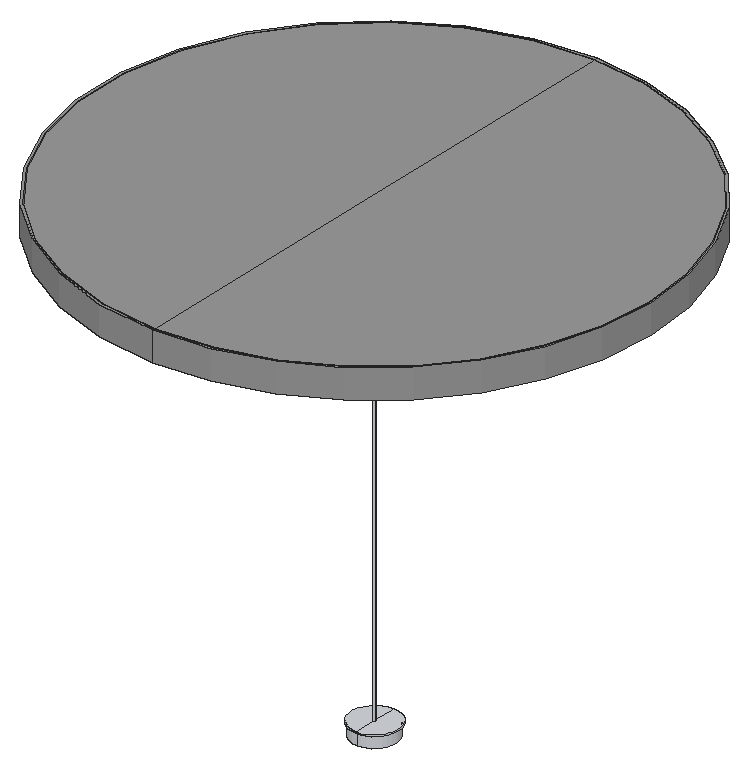
Revit family "PFRD-RPMK", category Lighting Fixtures, host Face, Revit 2022
Family settings
  Host = Face
  Round Connector Dimension = Use Diameter
  Part Type = Normal
  Cut with Voids When Loaded = Yes
  Light Source = Yes
  Maintain Annotation Orientation = No
  Shared = No
  Room Calculation Point = No
Parameters (values of type "PFRD59-220W-3000K-RPMK")
  r = R - 0' 1"  # 2' - 4 1/2"
  Wattage Comments = "220W"
  Wattage = 128.953 W
  built-in parameter 1150110 = 1 (stored number, unit not read)
  URL = "https://www.abovealllighting.com/Product/LED-INDOOR-FIXTURE/Pendant/PrimeFocusRound.html"
  built-in parameter 1114217 = 1 (stored number, unit not read)
  Tilt Angle = 90.00°
  built-in parameter 1150109 = 1 (stored number, unit not read)
  built-in parameter 1150134 = (empty or 0)
  Suspended = 3' - 11 51/256"
  built-in parameter 1150113 = 1 (stored number, unit not read)
  R = 2' - 5 1/2"
  Power Factor = "0.9"
  Photometric Web File = "PFRD59-220W-3000K.IES"
  Model = "PFRD59-220-30901-RPMK-WH"
  Manufacturer = "Above All Lighting"  # constant formula
  built-in parameter 1150105 = 4152.8 (stored number, unit not read)
  Lumens = 19155 lm
  built-in parameter 1150115 = 1 (stored number, unit not read)
  Load Classification = Lighting
  built-in parameter 1150137 = (empty or 0)
  built-in parameter 1150139 = (empty or 0)
  Lens = R - 0' 0 1/4"  # 2' - 5 1/4"
  built-in parameter 1150112 = 1 (stored number, unit not read)
  built-in parameter 1150114 = 1 (stored number, unit not read)
  Lamp = "LED"
  Input Voltage = "120-277V"
  built-in parameter 1150132 = 2
  built-in parameter 1150102 = (empty or 0)
  built-in parameter 1150107 = 3000 (stored number, unit not read)
  built-in parameter 1150138 = (empty or 0)
  built-in parameter 1150106 = 41.528 (stored number, unit not read)
  built-in parameter 1150104 = 13.8 (stored number, unit not read)
  Dimming Lamp Color Temperature Shift = <None>
  Default Elevation = 0' - 0"
  Color Filter = 16777215
  CRI = "90"
  built-in parameter 1114218 = 1 (stored number, unit not read)
  built-in parameter 1150133 = 10 (stored number, unit not read)
  A = 0' - 2 1/2"
Types (6): name | r | Wattage Comments | Wattage | Suspended | R | Photometric Web File | Model | built-in parameter 1150105 | Lumens | Lens | built-in parameter 1150106
  (no name) | 2' - 4 1/2" | "220W" | 128.953 W | 3' - 11 51/256" | 2' - 5 1/2" | "PFRD59-220W-3000K.IES" | "PFRD59-220-30901-RPMK-WH" | 4152.8 (stored number, unit not read) | 19155 lm | 2' - 5 1/4" | 41.528 (stored number, unit not read)
  PFRD16-20W-3000K-RPMK | 0' - 6 109/128" | "20W" | 12.7439 W | 3' - 11.2" | 0' - 7 109/128" | "PFRD16-20W-3000K.IES" | "PFRD16-20-30901-RPMK-WH" | 150.64 (stored number, unit not read) | 1893 lm | 0' - 7 77/128" | 1.5064 (stored number, unit not read)
  PFRD19-25W-3000K-RPMK | 0' - 8 115/256" | "25W" | 14.8712 W | 3' - 11 51/256" | 0' - 9 115/256" | "PFRD19-25W-3000K.IES" | "PFRD19-25-30901-RPMK-WH" | 1517.3 (stored number, unit not read) | 2209 lm | 0' - 9 51/256" | 15.173 (stored number, unit not read)
  PFRD35-90W-3000K-RPMK | 1' - 4.6353" | "90W" | 49.9118 W | 3' - 11 51/256" | 1' - 5.6353" | "PFRD35-90W-3000K.IES" | "PFRD35-90-30901-RPMK-WH" | 4247.1 (stored number, unit not read) | 7414 lm | 1' - 5.3853" | 42.471 (stored number, unit not read)
  PFRD47-180W-3000K-RPMK | 1' - 10 77/128" | "180W" | 101.123 W | 3' - 11 51/256" | 1' - 11 77/128" | "PFRD47-180W-3000K.IES" | "PFRD47-180-30901-RPMK-WH" | 3799.8 (stored number, unit not read) | 15021 lm | 1' - 11 45/128" | 37.998 (stored number, unit not read)
  PFRD59-220W-3000K-RPMK | 2' - 4 1/2" | "220W" | 128.953 W | 3' - 11 51/256" | 2' - 5 1/2" | "PFRD59-220W-3000K.IES" | "PFRD59-220-30901-RPMK-WH" | 4152.8 (stored number, unit not read) | 19155 lm | 2' - 5 1/4" | 41.528 (stored number, unit not read)
Reference planes (in)
  plane 1 "Center (Front/Back)": y = 0
  plane 2: z = 0
  plane 3 "Center (Left/Right)": x = 0
Forms (in)
  Revolve 1, solid, material "Paint"
    sketch origin (0, 0, 46) x (0, 1, 0) y (0, 0, 1)
      loop
        line (0, 1.19922) -> (29.5, 1.19922) -> (29.5, 4.29922) -> (29.25, 4.29922) -> (29.25, 3.55097) -> (0, 3.55097) -> (0, 1.19922)
      axis (0, 4.29922) -> (0, 1.19922)
    angle from 0 to 360
  Revolve 2, solid, material "Glass, White, High Luminance"
    sketch origin (0, 1, 46) x (0, 1, 0) y (0, 0, 1)
      loop
        line (28.25, 4.29922) -> (-1, 4.29922) -> (-1, 4.17281) -> (28.25, 4.17281) -> (28.25, 4.29922)
      axis (-1, 4.29922) -> (-1, 4.17281)
    angle from 0 to 360
  Revolve 3, solid
    sketch origin (0, 0, -1.25) x (0, 1, 0) y (0, 0, 1)
      loop
        line (0, 0) -> (2.30502, 0) -> (2.30502, 1.25) -> (2.5, 1.25) -> (2.5, 1.38) -> (0, 1.38) -> (0, 0)
      axis (0, 1.38) -> (0, 0)
    angle from 0 to 360
  Extrusion 4, solid
    sketch origin (0, 0, 0) x (1, 0, 0) y (0, 1, 0)
      loop
        circle (0, 0) r 0.125
    from 0.13 to 47.19922
Dimensions and locks (in)
  "R": Revolve 1 sketch curve to Revolve 1 sketch curve
  "Lens": Revolve 2 sketch curve to Revolve 2 sketch curve
  "A": Revolve 3 sketch curve to Revolve 3 sketch curve
  "Suspended": Revolve 1 to host face
  Revolve 2 sketch curve to imposter light = 0' - 0.1264"
  Revolve 2 sketch curve to Revolve 1 = 0' - 2.9736"
  diameter of Revolve 2 = 4' - 10 1/2"
  aligned and locked: plane 2 to host face
  aligned and locked: level to host face
  aligned and locked: Revolve 1 sketch curve to plane 1 "Center (Front/Back)"
  aligned and locked: Revolve 2 sketch curve to Revolve 2 sketch curve
  aligned and locked: Revolve 2 sketch curve to plane 1 "Center (Front/Back)"
  aligned and locked: Revolve 1 to imposter light
  aligned and locked: Extrusion 4 to Revolve 3
  aligned and locked: Revolve 1 to Extrusion 4
Automatic sketch dimensions
  host sketch curve to host sketch curve = 8' - 0"  (x2)
  plane 1 "Center (Front/Back)" to Extrusion 4 sketch curve = 0' - 0"
  Extrusion 4 sketch curve to plane 3 "Center (Left/Right)" = 0' - 0"
  Revolve 1 sketch curve to plane 1 "Center (Front/Back)" = 0' - 0"
  Revolve 1 sketch curve to Revolve 1 sketch curve = 0' - 0 1/4"
  level to Revolve 1 sketch curve = 3' - 11 51/256"
  Revolve 1 sketch curve to Revolve 1 sketch curve = 0' - 2.35175"
  Revolve 1 sketch curve to Revolve 1 sketch curve = 0' - 0.74825"
  Revolve 1 sketch curve to Revolve 1 sketch curve = 1' - 4.64825"
  Revolve 1 sketch curve to Revolve 1 sketch curve = 6' - 1.27586"
  Revolve 2 sketch curve to Revolve 2 sketch curve = 0' - 0.1264"
  Revolve 2 sketch curve to Revolve 2 sketch curve = 1' - 3.9"
  Revolve 2 sketch curve to Revolve 2 sketch curve = 6' - 1.27586"
  Revolve 3 sketch curve to plane 1 "Center (Front/Back)" = 0' - 0"  (x2)
  Revolve 3 sketch curve to level = 0' - 0"
  Revolve 3 sketch curve to Revolve 3 sketch curve = 0' - 0.19498"
  Revolve 3 sketch curve to level = 0' - 1 1/4"
  Revolve 3 sketch curve to Revolve 3 sketch curve = 0' - 0.13"
  Revolve 3 sketch curve to Revolve 3 sketch curve = 2' - 0"
  Revolve 3 sketch curve to Revolve 3 sketch curve = 7' - 6.89586"
  radius of Extrusion 4 sketch curve = 0' - 0 1/8"
